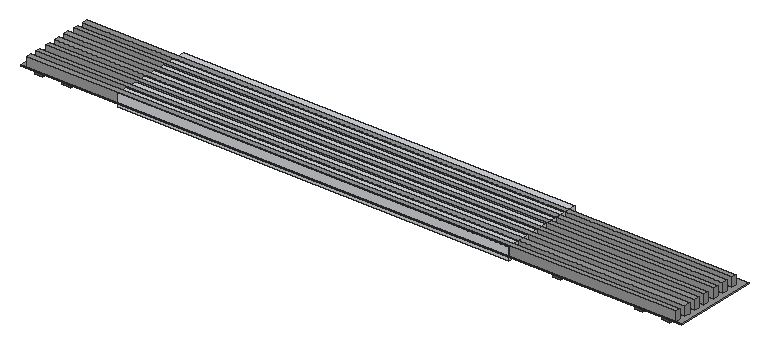
Revit family "1112-7, Solid", category Generic Models, host Face, Revit 2020
Family settings
  Host = Face
  Can host rebar = No
  Round Connector Dimension = Use Diameter
  Part Type = Normal
  Cut with Voids When Loaded = No
  Shared = No
  Room Calculation Point = No
Parameters
  min_value [instance] = 1' - 11 1/4"  # constant formula
  max_value [instance] = 11' - 11 1/4"  # constant formula
  actual_value [instance] = if(NET LENGTH < min_value, min_value, if(NET LENGTH > max_value, max_value, NET LENGTH))  # 7' - 11 1/4"
  SCRIM MATERIAL [instance] = SCRIM
  SCRIM [instance] = yes
  NET LENGTH [instance] = 7' - 11 1/4"
  Default Elevation = 4' - 0"
  BACKER MATERIAL [instance] = BLACK-BACKERS
  .. MEMBER WIDTH [instance] = 0' - 0 3/4"  # constant formula
  .. MEMBER MATERIAL [instance] = Solid Western Hemlock
  .. MEMBER LENGTH [instance] = actual_value  # 7' - 11 1/4"
  .. MEMBER DEPTH [instance] = 0' - 1 3/8"  # constant formula
  .. MEMBER COUNT [instance] = 7  # constant formula
  IMPORTANT NOTE!!!                                                                             *Backer layout is for visualization purposes only, final layout to be determined by 9Wood. [instance] = ""
Reference planes (in)
  plane 1 "Center (Front/Back)": y = 0
  plane 2: z = 1.82209
  plane 3 "Center (Left/Right)": x = 0
Forms (in)
  Extrusion 1, solid
    sketch origin (132, -33.80483, 0) x (1, 0, 0) y (0, 1, 0)
      loop
        line (-118.625, 33.80483) -> (-61.26146, 33.80483) -> (-61.26146, 45.86733) -> (-118.625, 45.86733) -> (-118.625, 33.80483)
    from 1.82209 to 0
Dimensions and locks (in)
  aligned and locked: Extrusion 1 to plane 2
  aligned and locked: plane 3 "Center (Left/Right)" to nested 1
Nested families (in)
  nested 1: "1100 SERIES CONFIG" at (0, 2, 0), .. MEMBER DEPTH <- ".. MEMBER DEPTH", .. MEMBER LENGTH <- ".. MEMBER LENGTH", .. MEMBER WIDTH <- ".. MEMBER WIDTH", .. MEMBER MATERIAL <- ".. MEMBER MATERIAL", BACKING M MATERIAL <- "BACKER MATERIAL", SCRIM  MATERIAL <- "SCRIM MATERIAL", .. MEMBER COUNT <- ".. MEMBER COUNT", SCRIM <- "SCRIM", type "1100 SERIES CONFIG"
    with X 7' - 8", SCRIM OVERHANG 2 0' - 0 3/32", SCRIM OVERHANG 0' - 0 7/8", SCRIM LENGTH 8' - 1", SCRIM  MATERIAL SCRIM, SCRIM yes, NOMINAL LENGTH 7, N 8, Inset 6' - 0 3/8", INSET 0' - 1", INDEX 0' - 5 5/8", HALF MEMBER WIDTH 0' - 0 3/8", HALF LENGTH 3' - 11 5/8", END BACKER yes, BACKING M WIDTH 0' - 1 1/4", BACKING M OC SPACING 1' - 0", BACKING M MATERIAL BLACK-BACKERS, BACKING M LENGTH 0' - 11 7/8", BACKING M DEPTH 0' - 0 1/2", BACKING M COUNT 8, 3/16" INSET 0' - 0 3/16", .. MEMBER WIDTH 0' - 0 3/4", .. MEMBER OC SPACING 0' - 1.71429", .. MEMBER MATERIAL Solid Western Hemlock, .. MEMBER LENGTH 7' - 11 1/4", .. MEMBER DEPTH 0' - 1 3/8", .. MEMBER COUNT 7
Definition of nested family "1100 SERIES CONFIG"
  Parameters (values of type "1100 SERIES CONFIG")
    X [instance] = .. MEMBER LENGTH - 0' 3 1/4"  # 5' - 5"
    SCRIM OVERHANG 2 [instance] = 0' - 0 3/32"  # constant formula
    SCRIM OVERHANG [instance] = 0' - 0 7/8"  # constant formula
    SCRIM LENGTH [instance] = .. MEMBER LENGTH + (SCRIM OVERHANG * 2)  # 5' - 10"
    SCRIM  MATERIAL [instance] = none
    SCRIM [instance] = yes
    NOMINAL LENGTH [instance] = 7
    N [instance] = if((X - (rounddown(X / 1' 0") * 1' 0")) > 1' 0", rounddown(X / 1' 0") + 2, rounddown(X / 1' 0") + 1)  # 6
    Inset [instance] = 6' - 0 3/8"  # constant formula
    INSET [instance] = 0' - 1"  # constant formula
    END BACKER [instance] = INDEX > 0' 3 5/8"  # yes
    INDEX [instance] = (.. MEMBER LENGTH - ((N - 1) * 1' 0")) / 2  # 0' - 4 1/8"
    HALF MEMBER WIDTH [instance] = .. MEMBER WIDTH / 2  # 0' - 0 5/16"
    HALF LENGTH [instance] = .. MEMBER LENGTH / 2  # 2' - 10 1/8"
    Default Elevation = 0' - 0"
    BACKING M WIDTH [instance] = 0' - 1 1/4"
    BACKING M SPACING = 3' - 3"
    BACKING M MATERIAL [instance] = none
    BACKING M LENGTH [instance] = 0' - 11 7/8"
    BACKING M DEPTH [instance] = 0' - 0 1/2"
    BACKING M COUNT [instance] = N  # 6
    BACKING M OC SPACING [instance] = 1' - 0"  # constant formula
    3/16" INSET [instance] = 0' - 0 3/16"  # constant formula
    .. MEMBER WIDTH [instance] = 0' - 0 5/8"
    .. MEMBER OC SPACING [instance] = 1' 0" / .. MEMBER COUNT  # 0' - 4"
    .. MEMBER MATERIAL [instance] = none
    .. MEMBER LENGTH [instance] = 5' - 8 1/4"
    .. MEMBER DEPTH [instance] = 0' - 1 3/8"
    .. MEMBER COUNT [instance] = 3
  Reference planes (in)
    plane 1 "Center (Front/Back)": y = -2
    plane 2: z = 0
    plane 3 "Center (Left/Right)": x = 0
    plane 4: x = 1
    plane 5: x = 4.125
    plane 6: x = 34.125
    plane 7: x = 68.25
    plane 8: x = 67.25
    plane 9: x = 16.125
    plane 10: y = -1.8125
    plane 11: y = -1.6875
    plane 12: y = 2.3125
    plane 13: x = 69.125
    plane 14: x = -0.875
    plane 15: z = 0.5
    plane 16: z = 0.5625
    plane 17: y = 10.0625
    plane 18: y = 10.15625
    plane 19: y = -2.09375
  Dimensions and locks (in)
    "INSET": plane 3 "Center (Left/Right)" to plane 4
    "INDEX": plane 3 "Center (Left/Right)" to plane 5
    "HALF LENGTH": plane 3 "Center (Left/Right)" to plane 6
    ".. MEMBER LENGTH": plane 3 "Center (Left/Right)" to plane 7
    "INSET": plane 8 to plane 7
    equal spacing: group 2, group 3, group 6, group 7, group 8, group 9  (x3)
    "3/16" INSET": plane 1 "Center (Front/Back)" to plane 10
    ".. MEMBER OC SPACING": plane 12 to plane 11
    "SCRIM OVERHANG": plane 14 to plane 3 "Center (Left/Right)"
    "SCRIM OVERHANG": plane 7 to plane 13
    equal spacing: group 1, group 4, group 5  (x2)
    equal spacing: group 5, group 4, group 1
    "HALF MEMBER WIDTH": plane 1 "Center (Front/Back)" to plane 11
    "BACKING M OC SPACING": plane 5 to plane 9
    "SCRIM OVERHANG 2": plane 18 to plane 17
    "SCRIM OVERHANG 2": plane 19 to plane 1 "Center (Front/Back)"
    aligned and locked: level to plane 2
    aligned and locked: plane 6 to nested 1
    aligned and locked: nested 2 to plane 4
    aligned and locked: plane 5 to nested 3
    aligned and locked: plane 1 "Center (Front/Back)" to nested 1
    aligned and locked: nested 2 to plane 10
    aligned and locked: nested 3 to plane 10
    aligned and locked: nested 5 to plane 10
    aligned and locked: nested 4 to plane 10
    aligned and locked: nested 6 to plane 14
    aligned and locked: plane 12 to nested 7
    aligned and locked: nested 7 to plane 3 "Center (Left/Right)"
    aligned and locked: plane 9 to nested 5
    aligned and locked: plane 8 to nested 4
    aligned and locked: plane 15 to nested 2
    aligned and locked: nested 6 to plane 15
    aligned and locked: nested 1 to plane 16
    aligned and locked: nested 7 to plane 16
    aligned and locked: nested 6 to plane 19
  Nested families (in)
    nested 1: "INSTANCE - Parametric Cube" at (34.125, -1.6875, 1.9375), Length <- ".. MEMBER WIDTH", Height <- ".. MEMBER DEPTH", Width <- ".. MEMBER LENGTH", Material <- ".. MEMBER MATERIAL", type "INSTANCE - Parametric Cube"
      with Width 5' - 8 1/4", Material none, Length 0' - 0 5/8", Height 0' - 1 3/8"
    nested 2: "2ND INSTANCE - Parametric Cube" at (1.625, 4.125, 0), Height <- "BACKING M DEPTH", Length <- "BACKING M LENGTH", Width <- "BACKING M WIDTH", Material <- "BACKING M MATERIAL", visible <- "END BACKER", type "2ND INSTANCE - Parametric Cube"
      with Width 0' - 1 1/4", Material none, Length 0' - 11 7/8", Height 0' - 0 1/2"
    nested 3: "2ND INSTANCE - Parametric Cube" at (4.125, 4.125, 0), Length <- "BACKING M LENGTH", Height <- "BACKING M DEPTH", Width <- "BACKING M WIDTH", Material <- "BACKING M MATERIAL", type "2ND INSTANCE - Parametric Cube"
      with Width 0' - 1 1/4", Material none, Length 0' - 11 7/8", Height 0' - 0 1/2"
    nested 4: "2ND INSTANCE - Parametric Cube" at (66.625, 4.125, 0), Width <- "BACKING M WIDTH", Length <- "BACKING M LENGTH", Height <- "BACKING M DEPTH", Material <- "BACKING M MATERIAL", visible <- "END BACKER", type "2ND INSTANCE - Parametric Cube"
      with Width 0' - 1 1/4", Material none, Length 0' - 11 7/8", Height 0' - 0 1/2"
    nested 5: "2ND INSTANCE - Parametric Cube" at (16.125, 4.125, 0), Length <- "BACKING M LENGTH", Height <- "BACKING M DEPTH", Width <- "BACKING M WIDTH", Material <- "BACKING M MATERIAL", type "2ND INSTANCE - Parametric Cube"
      with Width 0' - 1 1/4", Material none, Length 0' - 11 7/8", Height 0' - 0 1/2"
    nested 6: "3RD INSTANCE - Parametric Cube" at (34.125, 4.0445, 0.5), Width <- "SCRIM LENGTH", Material <- "SCRIM  MATERIAL", visible <- "SCRIM", type "3RD INSTANCE - Parametric Cube"
      with Width 5' - 10", Material none, Length 1' - 0.27649", Height 0' - 0 1/16"
    nested 7: "INSTANCE - Parametric Cube" at (34.125, 2.3125, 1.9375), Length <- ".. MEMBER WIDTH", Height <- ".. MEMBER DEPTH", Width <- ".. MEMBER LENGTH", Material <- ".. MEMBER MATERIAL", type "INSTANCE - Parametric Cube"
      with Width 5' - 8 1/4", Material none, Length 0' - 0 5/8", Height 0' - 1 3/8"
    nested 8: "INSTANCE - Parametric Cube" at (34.125, 6.3125, 1.9375), Length <- ".. MEMBER WIDTH", Height <- ".. MEMBER DEPTH", Width <- ".. MEMBER LENGTH", Material <- ".. MEMBER MATERIAL", type "INSTANCE - Parametric Cube"
      with Width 5' - 8 1/4", Material none, Length 0' - 0 5/8", Height 0' - 1 3/8"
    nested 9: "2ND INSTANCE - Parametric Cube" at (28.125, 4.125, 0), Length <- "BACKING M LENGTH", Height <- "BACKING M DEPTH", Width <- "BACKING M WIDTH", Material <- "BACKING M MATERIAL", type "2ND INSTANCE - Parametric Cube"
      with Width 0' - 1 1/4", Material none, Length 0' - 11 7/8", Height 0' - 0 1/2"
    nested 10: "2ND INSTANCE - Parametric Cube" at (40.125, 4.125, 0), Length <- "BACKING M LENGTH", Height <- "BACKING M DEPTH", Width <- "BACKING M WIDTH", Material <- "BACKING M MATERIAL", type "2ND INSTANCE - Parametric Cube"
      with Width 0' - 1 1/4", Material none, Length 0' - 11 7/8", Height 0' - 0 1/2"
    nested 11: "2ND INSTANCE - Parametric Cube" at (52.125, 4.125, 0), Length <- "BACKING M LENGTH", Height <- "BACKING M DEPTH", Width <- "BACKING M WIDTH", Material <- "BACKING M MATERIAL", type "2ND INSTANCE - Parametric Cube"
      with Width 0' - 1 1/4", Material none, Length 0' - 11 7/8", Height 0' - 0 1/2"
    nested 12: "2ND INSTANCE - Parametric Cube" at (64.125, 4.125, 0), Length <- "BACKING M LENGTH", Height <- "BACKING M DEPTH", Width <- "BACKING M WIDTH", Material <- "BACKING M MATERIAL", type "2ND INSTANCE - Parametric Cube"
      with Width 0' - 1 1/4", Material none, Length 0' - 11 7/8", Height 0' - 0 1/2"
  Definition of nested family "INSTANCE - Parametric Cube"
    Parameters (values of type "INSTANCE - Parametric Cube")
      Width [instance] = 0' - 6"
      Material [instance] = none
      Length [instance] = 1' - 0"
      Height [instance] = 1' - 6"
      Default Elevation = 0' - 0"
    Reference planes (in)
      plane 1 "Center (Front/Back)": y = 0
      plane 2: z = 0
      plane 3 "Center (Left/Right)": x = 0
      plane 4: x = -3
      plane 5: x = 3
      plane 6: y = 6
      plane 7: y = -6
      plane 8: z = -18
    Forms (in)
      Extrusion 1, solid, material <- "Material"
        sketch origin (0, 0, 0) x (1, 0, 0) y (0, 1, 0)
          loop
            line (-3, 6) -> (-3, -6) -> (3, -6) -> (3, 6) -> (-3, 6)
        from -18 to 0
    Dimensions and locks (in)
      equal spacing: plane 4, plane 3 "Center (Left/Right)", plane 5
      equal spacing: plane 6, plane 1 "Center (Front/Back)", plane 7
      "Length": plane 6 to plane 7
      "Width": plane 4 to plane 5
      "Height": plane 8 to level
      aligned and locked: plane 2 to level
      aligned and locked: Extrusion 1 sketch curve to plane 6
      aligned and locked: plane 4 to Extrusion 1 sketch curve
      aligned and locked: plane 7 to Extrusion 1 sketch curve
      aligned and locked: Extrusion 1 sketch curve to plane 5
      aligned and locked: Extrusion 1 to plane 8
  Definition of nested family "2ND INSTANCE - Parametric Cube"
    Parameters (values of type "2ND INSTANCE - Parametric Cube")
      Width [instance] = 0' - 6"
      Material [instance] = none
      Length [instance] = 1' - 0"
      Height [instance] = 1' - 6"
      Default Elevation = 0' - 0"
    Reference planes (in)
      plane 1 "Center (Front/Back)": y = 0
      plane 2: z = 0
      plane 3 "Center (Left/Right)": x = 0
      plane 4: x = -3
      plane 5: x = 3
      plane 6: y = 6
      plane 7: y = -6
      plane 8: z = 18
    Forms (in)
      Extrusion 1, solid, material <- "Material"
        sketch origin (0, 0, 0) x (1, 0, 0) y (0, 1, 0)
          loop
            line (-3, 6) -> (-3, -6) -> (3, -6) -> (3, 6) -> (-3, 6)
        from 0 to 18
    Dimensions and locks (in)
      equal spacing: plane 4, plane 3 "Center (Left/Right)", plane 5
      equal spacing: plane 6, plane 1 "Center (Front/Back)", plane 7
      "Length": plane 6 to plane 7
      "Width": plane 4 to plane 5
      "Height": level to plane 8
      aligned and locked: plane 2 to level
      aligned and locked: Extrusion 1 sketch curve to plane 6
      aligned and locked: plane 4 to Extrusion 1 sketch curve
      aligned and locked: plane 7 to Extrusion 1 sketch curve
      aligned and locked: Extrusion 1 sketch curve to plane 5
      aligned and locked: plane 8 to Extrusion 1
      aligned and locked: Extrusion 1 to level
  Definition of nested family "3RD INSTANCE - Parametric Cube"
    Parameters (values of type "3RD INSTANCE - Parametric Cube")
      Width [instance] = 0' - 6"
      Material [instance] = none
      Length [instance] = 1' - 0"
      Height [instance] = 1' - 6"
      Default Elevation = 0' - 0"
    Reference planes (in)
      plane 1 "Center (Front/Back)": y = 0
      plane 2: z = 0
      plane 3 "Center (Left/Right)": x = 0
      plane 4: x = -3
      plane 5: x = 3
      plane 6: y = 6
      plane 7: y = -6
      plane 8: z = 18
    Forms (in)
      Extrusion 1, solid, material <- "Material"
        sketch origin (0, 0, 0) x (1, 0, 0) y (0, 1, 0)
          loop
            line (-3, 6) -> (-3, -6) -> (3, -6) -> (3, 6) -> (-3, 6)
        from 0 to 18
    Dimensions and locks (in)
      equal spacing: plane 4, plane 3 "Center (Left/Right)", plane 5
      equal spacing: plane 6, plane 1 "Center (Front/Back)", plane 7
      "Length": plane 6 to plane 7
      "Width": plane 4 to plane 5
      "Height": level to plane 8
      aligned and locked: plane 2 to level
      aligned and locked: Extrusion 1 sketch curve to plane 6
      aligned and locked: plane 4 to Extrusion 1 sketch curve
      aligned and locked: plane 7 to Extrusion 1 sketch curve
      aligned and locked: Extrusion 1 sketch curve to plane 5
      aligned and locked: plane 8 to Extrusion 1
      aligned and locked: Extrusion 1 to level
